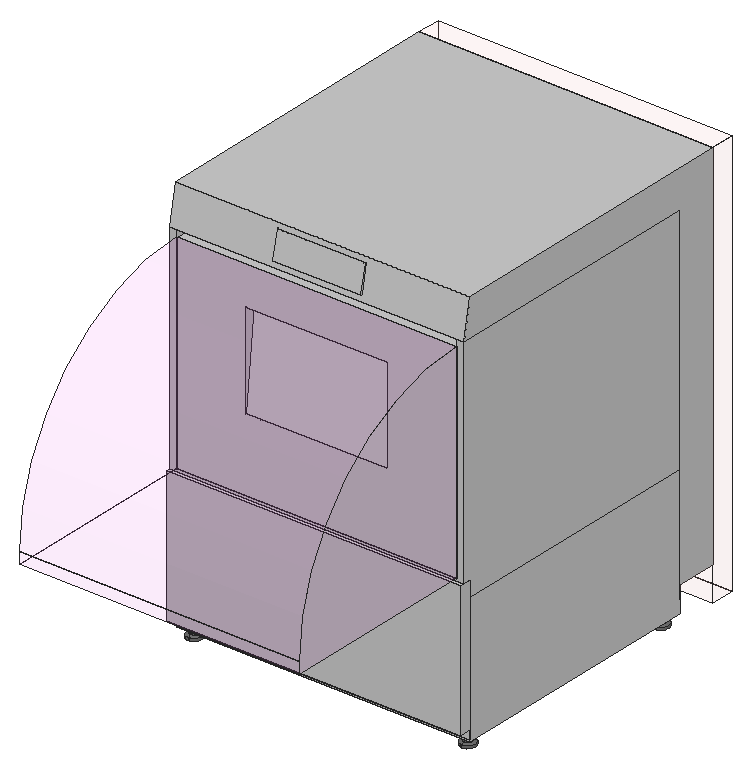
Revit family "AX-UX-50_ISO", category Equipos especializados, Revit 2016
Family settings
  Tipo de pieza = Normal
  Cota de conector redondo = Diámetro de uso
  Se basa en plano de trabajo = No
  Siempre vertical = Sí
  Corte con vacíos al cargar = No
  Compartido = No
  Punto de cálculo de habitación = No
Parameters
  Show Logo [instance] = yes
  Show Clearances [instance] = yes
Reference planes
  plane 1 "Centro (Frontal/Posterior)": y = 0
  plane 2: z = 0
  plane 3 "Centro (Izquierda/Derecha)": x = 0
  plane 4: y = 50
  plane 5: y = -1036.5
  plane 6: x = 600
Forms (mm)
  Extrusion 1, solid
    sketch origin (10, 0, 0) x (0, 1, 0) y (0, 0, 1)
      loop
        line (-637.128, 758.631) -> (-84.6, 758.631) -> (-84.6, 47) -> (-83.8, 47) -> (-83.8, 71) -> (0, 71) -> (0, 834.694) -> (-620.96, 834.694) -> (-637.128, 758.631)
    from -10 to 590
  Extrusion 2, solid
    sketch origin (10, 0, 0) x (0, 1, 0) y (0, 0, 1)
      loop
        line (-84.6, 758.631) -> (-636.25, 758.631) -> (-636.25, 315.912) -> (-619.609, 315.912) -> (-619.609, 282.327) -> (-84.6, 282.327) -> (-84.6, 758.631)
    from -10 to 590
  Extrusion 3, solid
    sketch origin (10, 0, 0) x (0, 1, 0) y (0, 0, 1)
      loop
        line (-619.609, 314.574) -> (-643.609, 314.574) -> (-643.609, 41.05) -> (-620.409, 41.05) -> (-620.409, 24) -> (-619.609, 24) -> (-619.609, 314.574)
    from -10 to 590
  Extrusion 4, solid
    sketch origin (10, 0, 0) x (0, 1, 0) y (0, 0, 1)
      loop
        line (-84.6, 282.327) -> (-619.609, 282.327) -> (-619.609, 19) -> (-84.6, 19) -> (-84.6, 282.327)
    from -10 to 590
  Extrusion 5, void
    sketch origin (-11.859, 0, 2.409) x (0, 1, 0) y (0, 0, 1)
      loop
        line (-636.5, 317.846) -> (-612.5, 317.846) -> (-612.5, 756.221) -> (-636.5, 756.221) -> (-636.5, 317.846)
    from 25.859 to 597.859
  Extrusion 6, solid
    sketch origin (10, 0, 0) x (0, 1, 0) y (0, 0, 1)
      loop
        line (-636.25, 320.255) -> (-612.5, 320.255) -> (-612.5, 744.255) -> (-636.25, 744.255) -> (-636.25, 320.255)
    from 4 to 576
  Extrusion 7, void
    sketch origin (10, 0, 0) x (0, 1, 0) y (0, 0, 1)
      loop
        line (-621.782, 687.106) -> (-630.815, 674.673) -> (-636.25, 667.192) -> (-636.25, 470.892) -> (-613.687, 685.56) -> (-621.782, 687.106)
    from 145 to 435
  Extrusion 8, solid
    sketch origin (10, 0, 0) x (0, 1, 0) y (0, 0, 1)
      loop
        line (-634.783, 769.663) -> (-623.305, 823.663) -> (-624.283, 823.87) -> (-635.761, 769.87) -> (-634.783, 769.663)
    from 200 to 380
  Revolve 9, solid
    sketch origin (20.4, 0, 0) x (0, 1, 0) y (0, 0, 1)
      loop
        line (-599.609, 19) -> (-604.609, 19) -> (-604.609, 12) -> (-608.109, 12) -> (-608.109, 7.753) -> (-614.609, 4) -> (-614.609, 0) -> (-599.609, 0) -> (-599.609, 19)
      axis (-599.609, 19) -> (-599.609, 0)
    angle from 0 to 360
  Revolve 10, solid
    sketch origin (579.4, 0, 0) x (0, 1, 0) y (0, 0, 1)
      loop
        line (-599.609, 19) -> (-604.609, 19) -> (-604.609, 12) -> (-608.109, 12) -> (-608.109, 7.753) -> (-614.609, 4) -> (-614.609, 0) -> (-599.609, 0) -> (-599.609, 19)
      axis (-599.609, 19) -> (-599.609, 0)
    angle from 0 to 360
  Revolve 11, solid
    sketch origin (579.4, 493.2, 0) x (0, 1, 0) y (0, 0, 1)
      loop
        line (-599.609, 19) -> (-604.609, 19) -> (-604.609, 12) -> (-608.109, 12) -> (-608.109, 7.753) -> (-614.609, 4) -> (-614.609, 0) -> (-599.609, 0) -> (-599.609, 19)
      axis (-599.609, 19) -> (-599.609, 0)
    angle from 0 to 360
  Revolve 12, solid
    sketch origin (20.4, 493.2, 0) x (0, 1, 0) y (0, 0, 1)
      loop
        line (-599.609, 19) -> (-604.609, 19) -> (-604.609, 12) -> (-608.109, 12) -> (-608.109, 7.753) -> (-614.609, 4) -> (-614.609, 0) -> (-599.609, 0) -> (-599.609, 19)
      axis (-599.609, 19) -> (-599.609, 0)
    angle from 0 to 360
  Extrusion 13, void
    sketch origin (10, 0, 0) x (1, 0, 0) y (0, 0, 1)
      loop
        arc (520.877, 38.844) -> (503.512, 58.517) -> (486.148, 38.844) r 17.5
        line (486.148, 38.844) -> (520.877, 38.844)
      loop
        arc (349.377, 38.844) -> (332.012, 58.517) -> (314.648, 38.844) r 17.5
        line (314.648, 38.844) -> (349.377, 38.844)
      loop
        arc (267.765, 38.844) -> (250.4, 58.517) -> (233.035, 38.844) r 17.5
        line (233.035, 38.844) -> (267.765, 38.844)
    from 83.8 to 84.6
  Extrusion 14, solid
    sketch origin (10, 0, 0) x (1, 0, 0) y (0, 0, 1)
      loop
        circle (332.012, 38.62) r 15
      loop
        circle (503.512, 38.62) r 15
    from 63.8 to 84.6
  Extrusion 15, void
    sketch origin (10, 0, 0) x (1, 0, 0) y (0, 0, 1)
      loop
        line (523.484, 38.41) -> (556.34, 38.41)
        arc (556.34, 38.41) -> (539.912, 49.879) -> (523.484, 38.41) r 17.5
    from 83.8 to 84.6
  Extrusion 16, solid
    sketch origin (10, 0, 0) x (1, 0, 0) y (0, 0, 1)
      loop
        circle (539.912, 32.379) r 12.5
    from 53.8 to 84.6
  Extrusion 17, solid, visible <- "Show Clearances"
    sketch origin (10, 0, 0) x (0, 1, 0) y (0, 0, 1)
      loop
        arc (-636.5, 744.255) -> (-919.343, 627.098) -> (-1036.5, 344.255) r 400
        line (-1036.5, 344.255) -> (-1036.5, 319.655) -> (-636.5, 319.655) -> (-636.5, 744.255)
    from 4 to 576
  Extrusion 18, solid, visible <- "Show Clearances"
    sketch origin (10, 0, 0) x (0, 1, 0) y (0, 0, 1)
      loop
        line (0, 0) -> (50, 0) -> (50, 834.694) -> (0, 834.694) -> (0, 0)
    from -10 to 590
Cuts and joins
  Extrusion 5, Extrusion 7 cuts Extrusion 2
  Extrusion 7 cuts Extrusion 6
  Extrusion 13, Extrusion 15 cuts Extrusion 1
  Extrusion 13, Extrusion 15 cuts Extrusion 4
Lines and regions (mm)
  symbolic lines, style "QF-Clearances"
    curve 1: line (0, 50, 0) -> (600, 50, 0)
  symbolic lines, style "200-EquipBorder-2D"
    curve 2: line (0, 0, 0) -> (600, 0, 0)
    curve 3: line (600, 0, 0) -> (600, -643.609, 0)
    curve 4: line (600, -643.609, 0) -> (586, -643.609, 0)
    curve 5: line (586, -643.609, 0) -> (14, -643.609, 0)
    curve 6: line (14, -643.609, 0) -> (0, -643.609, 0)
    curve 7: line (0, -643.609, 0) -> (0, 0, 0)
  symbolic lines, style "QF-Door-Drawer_Clearances"
    curve 8: line (14, -643.609, 0) -> (14, -1036.5, 0)
    curve 9: line (14, -1036.5, 0) -> (586, -1036.5, 0)
    curve 10: line (586, -1036.5, 0) -> (586, -643.609, 0)
Dimensions and locks
  aligned and locked: level to plane 2
Connectors
  piping at (342.012, -63.8, 38.62), diameter 30
    settings: on Extrusion 14, index 1, connector inside diameter 609.6 mm, connector length 0 mm, flow factor 0, pipe flow 0.0 L/s, pressure drop 0.0 Pa, fitting loss kfactor 0, connector angle 0.00°, fixture units 0, engagement length 0 mm, angle of deflection 0.00°, flow configuration 1, flow direction 2, fitting loss method 0, system type 16, joint type 0, gender type 0, connector reference index -1, connector utility 0, adjustable connector no, is connector primary yes, connector description "Conexion agua"
  piping at (513.512, -63.8, 38.62), diameter 30
    settings: on Extrusion 14, index 2, connector inside diameter 609.6 mm, connector length 0 mm, flow factor 0, pipe flow 0.0 L/s, pressure drop 0.0 Pa, fitting loss kfactor 0, connector angle 0.00°, fixture units 0, engagement length 0 mm, angle of deflection 0.00°, flow configuration 1, flow direction 1, fitting loss method 0, system type 20, joint type 0, gender type 0, connector reference index -1, connector utility 0, adjustable connector no, is connector primary no, connector description "Conexion agua"
  electrical at (549.912, -53.8, 32.379)
    settings: on Extrusion 16, index 3, voltage 230 V, apparent load 0 VA, apparent load phase1 0 VA, apparent load phase2 0 VA, apparent load phase3 0 VA, power factor 1, load classification "Otro", number of poles 1, system type 31, power factor state 1, is connector primary yes, connector utility no, sub classification motor no, connector description "Conexion electrica"
